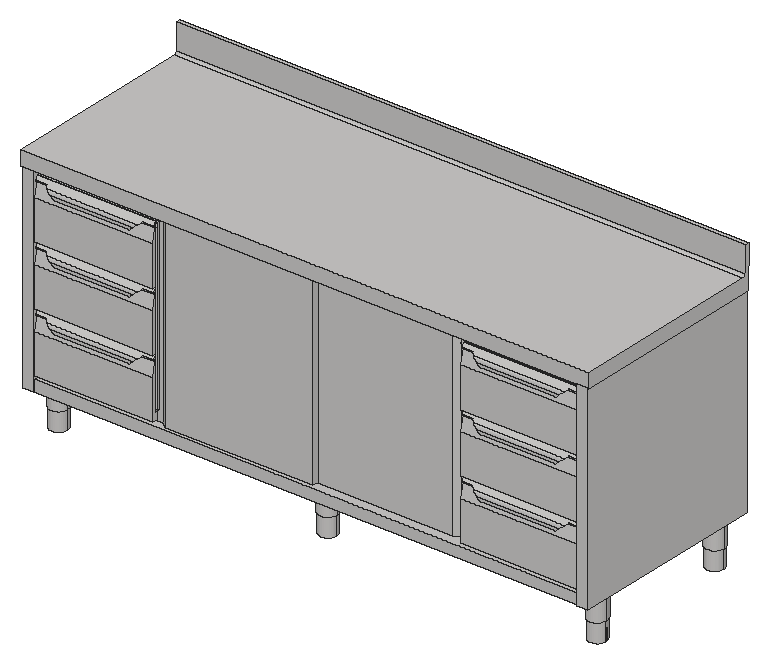
Revit family "QF_ELECTROLUXPROFESSIONAL_133173_NTA2010P", category Attrezzature speciali, Revit 2020
Family settings
  Quota connettore circolare = Usa diametro
  Tipo di parte = Normale
  Basato su piano di lavoro = No
  Sempre verticale = Sì
  Taglio con vuoti quando caricato = No
  Condiviso = No
  Punto di calcolo locali = No
Parameters (values of type "Standard")
  Weight = 85.00 kg
  Watts = 0 W
  Volts = 0 V
  URL Manufacturer = "https://www.electroluxprofessional.com/"
  URL = "https://www.electroluxprofessional.com/"
  Steam Supply Size = 0 mm
  Steam Supply Minimum Pressure = 0.0 Pa
  Steam Supply Maximum Pressure = 0.0 Pa
  Steam Consumption per Hour = 0
  Refrigeration Suction Line Size = 0.0 mm
  Refrigeration Liquid Line Size = 0.0 mm
  Refrigerant Compressor Remote = yes
  Prospetto di default = 0.0 mm
  Phase = 0
  Modello = "NTA2010P"
  Produttore = "Electrolux Professional"
  Length Actual = 2000.0 mm  # constant formula
  Item Number = "133173"
  Hot Water Size = 0 mm
  Height Actual = 1000.0 mm  # constant formula
  HP = "0 HP"
  Gas Size = 0 mm
  Gas KW = 0
  Gas Input Pressure = 0 W
  Direct Waste Size = 0 mm
  Descrizione = "TABLE+SPLBACK 3+3DRAW 2SLID.DOORS 2000MM"
  Depth Actual = 700.0 mm  # constant formula
  Cycle = 0 Hz
  Condensate Return Size = 0 mm
  Compressed Air Volume = 0.0 L/s
  Compressed Air Size = 0 mm
  Compressed Air Pressure = 0.0 Pa
  Cold Water Size = 0 mm
  Accessory = yes
Reference planes
  plane 1 "Center (Front/Back)": y = 0
  plane 2: z = 0
  plane 3 "BACK": y = 350
  plane 4 "FRONT": y = -350
  plane 5 "TOP": z = 900
  plane 6: y = 270
  plane 7: y = -247
  plane 8 "FEET": z = 150
  plane 9: y = -344.5
  plane 10 "BaseTop": z = 850
  plane 11: y = 344.5
  plane 12: z = 1000
  plane 13 "Center (Left/Right)": x = -409
  plane 14 "Right": x = 591
  plane 15 "Left": x = -1409
  plane 16: x = 130
  plane 17: x = -1363
  plane 18: x = 547.5
  plane 19: x = -944.5
  plane 20: x = -942
  plane 21: x = -1365.5
  plane 22: x = -1356
  plane 23: x = -1403.5
  plane 24: x = 585.5
  plane 25: x = 547.5
  plane 26: x = 545
  plane 27: x = -433.5
  plane 28: x = -384.5
  plane 29: x = 538
Forms (mm)
  Extrusion 1, solid, material "QF_Finishes_Stainless Steel"
    sketch origin (-400, 0, 150) x (1, 0, 0) y (0, 1, 0)
      loop
        line (985.5, 350) -> (947.5, 350) -> (947.5, -350) -> (985.5, -350) -> (985.5, 350)
      loop
        line (-965.4, 350) -> (-1003.5, 350) -> (-1003.5, -344.5) -> (-965.4, -344.5) -> (-965.4, 350)
    from 0 to 700
  Extrusion 2, solid, material "QF_Finishes_Stainless Steel"
    sketch origin (-400, 0, 150) x (1, 0, 0) y (0, 1, 0)
      loop
        line (947.5, 347) -> (-965.5, 347) -> (-965.5, -344.5) -> (947.5, -344.5) -> (947.5, 347)
    from 0 to 40
  Extrusion 3, void
    sketch origin (-400, -350, 0) x (1, 0, 0) y (0, 0, -1)
      loop
        line (525.418, -247.973) -> (538, -247.124) -> (538, -191.4) -> (525.418, -191.4) -> (525.418, -247.973)
      loop
        line (512.302, -816.058) -> (512.302, -850) -> (523, -850) -> (523, -816.825) -> (512.302, -816.058)
    from 20.5 to 40.5
  Extrusion 4, solid, material "QF_Finishes_Stainless Steel"
    sketch origin (-400, 0, 150) x (1, 0, 0) y (0, 1, 0)
      loop
        line (-965.5, 350) -> (-965.5, 327) -> (947.5, 327) -> (947.5, 350) -> (-965.5, 350)
    from 700 to 40
  Extrusion 5, solid, material "QF_Finishes_Stainless Steel"
    sketch origin (-406, 0, 0) x (0, 1, 0) y (0, 0, -1)
      loop
        line (-350, -900) -> (327, -900)
        arc (327, -900) -> (334.071, -902.929) -> (337, -910) r 10
        line (337, -910) -> (337, -1000) -> (350, -1000) -> (350, -850) -> (-350, -850) -> (-350, -900)
    from 1003 to -997
  Extrusion 6, solid, material "QF_Finishes_Stainless Steel"
    sketch origin (447, -20, 150) x (-1, 0, 0) y (0, -1, 0)
      loop
        line (831.5, 324.5) -> (831.5, 304.5) -> (1389, 304.5) -> (1389, 319.071) -> (1381.942, 326.129) -> (1380.312, 324.5) -> (1387, 317.812) -> (1387, 309.5) -> (1370.034, 309.5) -> (1350.034, 324.5) -> (831.5, 324.5)
    from 700 to 50
  Extrusion 7, void
    sketch origin (414, -350, 0) x (-1, 0, 0) y (0, 0, 1)
      loop
        line (1346.418, 247.973) -> (1346.418, 191.4) -> (1358.5, 191.4) -> (1358.5, 229.369) -> (1346.418, 247.973)
      loop
        line (1346.418, 816.627) -> (1358.5, 835.231) -> (1358.5, 850) -> (1346.418, 850) -> (1346.418, 816.627)
    from 2.49 to 20.5
  Extrusion 8, solid, material "QF_Finishes_Stainless Steel"
    sketch origin (0, 0, 850) x (-1, 0, 0) y (0, -1, 0)
      loop
        line (-547.5, 304.5) -> (-547.5, 299.5) -> (-130, 299.5) -> (-130, 304.5) -> (-547.5, 304.5)
    from 0 to -2
  Extrusion 9, solid, material "QF_Finishes_Stainless Steel"
    sketch origin (-1266, 0, 150) x (1, 0, 0) y (0, 1, 0)
      loop
        line (831.5, -324.5) -> (1357.034, -324.5) -> (1377.034, -309.5) -> (1394, -309.5) -> (1394, -317.812) -> (1387.312, -324.5) -> (1388.942, -326.129) -> (1396, -319.071) -> (1396, -304.5) -> (831.5, -304.5) -> (831.5, -324.5)
    from 700 to 50
Cuts and joins
  Extrusion 3 cuts Extrusion 1
  Extrusion 3 cuts Extrusion 5
  Extrusion 7 cuts Extrusion 6
  Extrusion 3 cuts Extrusion 9
Lines and regions (mm)
  symbolic lines, style "SpecialityEquipment"
    curve 1: line (-1409, 350, 850) -> (591, 350, 850)
    curve 2: line (-1409, -350, 850) -> (-1409, 350, 850)
    curve 3: line (591, -350, 850) -> (-1409, -350, 850)
    curve 4: line (591, 350, 850) -> (591, -350, 850)
    curve 6: line (-1409, 337, 850) -> (591, 337, 850)
  symbolic lines, style "SpecialityEquipmentHiddenLines"
    curve 5: line (-384.5, -324.5, 200) -> (-384.5, -344.5, 200)
    curve 7: line (130, -304.5, 850) -> (-433.5, -304.5, 850)
    curve 8: line (-433.5, -304.5, 850) -> (-433.5, -324.5, 850)
    curve 9: line (-942, -324.5, 850) -> (91.034, -324.5, 850)
    curve 10: line (91.034, -324.5, 850) -> (111.034, -309.5, 850)
    curve 11: line (111.034, -309.5, 850) -> (130, -309.5, 850)
    curve 12: line (130, -309.5, 850) -> (130, -304.5, 850)
    curve 13: line (-903.034, -344.5, 850) -> (-923.034, -329.5, 850)
    curve 14: line (-923.034, -329.5, 850) -> (-942, -329.5, 850)
    curve 15: line (-942, -329.5, 850) -> (-942, -324.5, 850)
Dimensions and locks
  plane 3 "BACK" to plane 4 "FRONT" = 700.0 mm
  equal spacing: plane 3 "BACK", plane 1 "Center (Front/Back)", plane 4 "FRONT"
  locked: plane 8 "FEET" to level at 150
  locked: plane 3 "BACK" to plane 6 at 80
  locked: plane 7 to plane 4 "FRONT" at 103
  plane 9 to plane 4 "FRONT" = 5.5 mm  (x2)
  plane 3 "BACK" to plane 11 = 5.5 mm
  plane 5 "TOP" to level = 900.0 mm
  locked: plane 12 to level at 1000
  plane 12 to plane 5 "TOP" = 100.0 mm
  plane 20 to plane 19 = 2.5 mm
  locked: plane 16 to plane 20 at 1072
  locked: plane 14 "Right" to plane 15 "Left" at 2000
  locked: plane 23 to plane 15 "Left" at 5.5
  locked: plane 21 to plane 23 at 38
  locked: plane 17 to plane 21 at 2.5
  locked: plane 23 to plane 22 at 47.5
  locked: plane 24 to plane 14 "Right" at 5.5
  locked: plane 25 to plane 24 at 38
  plane 26 to plane 25 = 2.5 mm
  equal spacing: plane 15 "Left", plane 13 "Center (Left/Right)", plane 14 "Right"
  plane 27 to plane 28 = 49.0 mm
  equal spacing: plane 27, plane 13 "Center (Left/Right)", plane 28
  plane 29 to plane 24 = 47.5 mm
  aligned and locked: level to plane 2
  aligned and locked: plane 18 to Extrusion 2
  aligned and locked: nested 4 to nested 2
  aligned and locked: plane 18 to Extrusion 4
  aligned and locked: plane 14 "Right" to Extrusion 5
  aligned and locked: Extrusion 5 to plane 15 "Left"
  aligned and locked: plane 21 to Extrusion 2 sketch curve
  aligned and locked: nested 3 to nested 1
  aligned and locked: nested 2 to plane 22
  aligned and locked: nested 6 to nested 5
  aligned and locked: plane 21 to Extrusion 4
  aligned and locked: nested 7 to plane 17
  aligned and locked: Extrusion 1 sketch curve to plane 24
  aligned and locked: plane 25 to Extrusion 1 sketch curve
  aligned and locked: plane 28 to cut or joined group of Extrusion 6, Extrusion 7
  aligned and locked: curve 8 to plane 27
  aligned and locked: curve 5 to plane 28
  aligned and locked: nested 5 to plane 13 "Center (Left/Right)"
  aligned and locked: nested 1 to plane 29
Automatic sketch dimensions
  curve 5 to plane 9 = 0.0 mm
  plane 9 to curve 5 = 20.0 mm
  Extrusion 1 sketch curve to plane 9 = 0.0 mm
  Extrusion 1 sketch curve to plane 23 = 0.0 mm
  Extrusion 1 sketch curve to plane 3 "BACK" = 0.0 mm  (x2)
  Extrusion 1 sketch curve to plane 4 "FRONT" = 0.0 mm
  plane 21 to Extrusion 1 sketch curve = 0.1 mm
  Extrusion 2 sketch curve to plane 9 = 0.0 mm
  Extrusion 2 sketch curve to plane 18 = 0.0 mm
  plane 11 to Extrusion 2 sketch curve = 2.5 mm
  Extrusion 3 sketch curve to plane 10 "BaseTop" = 0.0 mm
  Extrusion 3 sketch curve to plane 16 = 8.0 mm
  plane 16 to Extrusion 3 sketch curve = 7.0 mm
  Extrusion 3 sketch curve to Extrusion 3 sketch curve = 33.175 mm
  Extrusion 3 sketch curve to Extrusion 3 sketch curve = 0.767 mm
  plane 8 "FEET" to Extrusion 3 sketch curve = 97.973 mm
  Extrusion 3 sketch curve to Extrusion 3 sketch curve = 0.849 mm
  plane 8 "FEET" to Extrusion 3 sketch curve = 41.4 mm
  Extrusion 4 sketch curve to plane 3 "BACK" = 0.0 mm
  Extrusion 4 sketch curve to plane 21 = 0.0 mm
  Extrusion 4 sketch curve to plane 18 = 0.0 mm
  Extrusion 4 sketch curve to plane 11 = 17.5 mm
  Extrusion 5 sketch curve to plane 4 "FRONT" = 0.0 mm
  Extrusion 5 sketch curve to plane 5 "TOP" = 0.0 mm
  Extrusion 5 sketch curve to plane 12 = 0.0 mm
  Extrusion 5 sketch curve to plane 3 "BACK" = 0.0 mm
  Extrusion 5 sketch curve to plane 10 "BaseTop" = 0.0 mm
  plane 11 to Extrusion 5 sketch curve = 17.5 mm
  plane 11 to Extrusion 5 sketch curve = 7.5 mm
  Extrusion 6 sketch curve to plane 28 = 0.0 mm
  Extrusion 6 sketch curve to plane 9 = 0.0 mm  (x2)
  Extrusion 6 sketch curve to plane 20 = 0.0 mm
  Extrusion 6 sketch curve to plane 20 = 38.966 mm
  Extrusion 6 sketch curve to plane 20 = 18.966 mm
  Extrusion 6 sketch curve to plane 20 = 8.688 mm
  Extrusion 6 sketch curve to plane 9 = 1.629 mm
  Extrusion 6 sketch curve to Extrusion 6 sketch curve = 1.629 mm
  Extrusion 6 sketch curve to plane 20 = 2.0 mm
  plane 9 to Extrusion 6 sketch curve = 15.0 mm
  Extrusion 6 sketch curve to Extrusion 6 sketch curve = 5.0 mm
  Extrusion 7 sketch curve to plane 10 "BaseTop" = 0.0 mm
  plane 19 to Extrusion 7 sketch curve = 0.0 mm  (x2)
  Extrusion 7 sketch curve to plane 20 = 9.582 mm  (x2)
  Extrusion 7 sketch curve to Extrusion 7 sketch curve = 14.769 mm
  Extrusion 7 sketch curve to Extrusion 7 sketch curve = 18.604 mm  (x2)
  plane 8 "FEET" to Extrusion 7 sketch curve = 97.973 mm
  Extrusion 7 sketch curve to Extrusion 7 sketch curve = 37.969 mm
  Extrusion 8 sketch curve to plane 16 = 0.0 mm
  plane 18 to Extrusion 8 sketch curve = 0.0 mm
  plane 9 to Extrusion 8 sketch curve = 45.0 mm
  Extrusion 8 sketch curve to Extrusion 8 sketch curve = 5.0 mm
  Extrusion 9 sketch curve to plane 27 = 1.0 mm
  plane 9 to Extrusion 9 sketch curve = 20.0 mm  (x2)
  plane 9 to Extrusion 9 sketch curve = 18.371 mm
  Extrusion 9 sketch curve to Extrusion 9 sketch curve = 1.629 mm
  Extrusion 9 sketch curve to Extrusion 9 sketch curve = 8.312 mm
  plane 9 to Extrusion 9 sketch curve = 40.0 mm
  curve 4 to plane 3 "BACK" = 0.0 mm
  curve 4 to plane 14 "Right" = 0.0 mm
  curve 13 to plane 9 = 0.0 mm
  curve 14 to plane 20 = 0.0 mm
  curve 3 to plane 4 "FRONT" = 0.0 mm
  curve 3 to plane 15 "Left" = 0.0 mm
  curve 11 to curve 11 = 18.966 mm
  curve 10 to curve 9 = 20.0 mm
  curve 13 to curve 14 = 18.966 mm
  plane 9 to curve 7 = 40.0 mm
  curve 7 to curve 11 = 5.0 mm
  plane 9 to curve 9 = 20.0 mm
  curve 9 to curve 15 = 5.0 mm
  curve 13 to curve 13 = 20.0 mm
  curve 6 to plane 11 = 7.5 mm
  curve 11 to plane 16 = 0.0 mm
  Extrusion 3 sketch curve to Extrusion 3 sketch curve = 10.698 mm
  plane 16 to Extrusion 3 sketch curve = 4.582 mm
  Extrusion 9 sketch curve to plane 16 = 0.0 mm
  plane 16 to Extrusion 9 sketch curve = 38.966 mm
  plane 16 to Extrusion 9 sketch curve = 18.966 mm
  plane 16 to Extrusion 9 sketch curve = 8.688 mm
  plane 16 to Extrusion 9 sketch curve = 2.0 mm
Nested families
  nested 1: "FEET_D60-150" at (538, -247, 0) x (-1, 0, 0) z (0, 0, 1), type "FEET_D60-150"
  nested 2: "FEET_D60-150" at (-1356, -247, 0) x (-1, 0, 0) z (0, 0, 1), type "FEET_D60-150"
  nested 3: "FEET_D60-150" at (538, 270, 0) x (-1, 0, 0) z (0, 0, 1), type "FEET_D60-150"
  nested 4: "FEET_D60-150" at (-1356, 270, 0) x (-1, 0, 0) z (0, 0, 1), type "FEET_D60-150"
  nested 5: "FEET_D60-150" at (-409, -247, 0) x (-1, 0, 0) z (0, 0, 1), type "FEET_D60-150"
  nested 6: "FEET_D60-150" at (-409, 270, 0) x (-1, 0, 0) z (0, 0, 1), type "FEET_D60-150"
  nested 7: "H637_600_3DRAWERS" at (-1119.458, -304.5, 152) x (-1, 0, 0) z (0, -1, 0), type "H637_600_3DRAWERS"
    with Show Clearance yes
  nested 8: "H637_600_3DRAWERS" at (307.458, -304.5, 152) x (1, 0, 0) z (0, -1, 0), type "H637_600_3DRAWERS"
    with Show Clearance yes
Definition of nested family "FEET_D60-150"
  Parameters
    Default Elevation = 0.0 mm
    FEET = 150.0 mm
  Reference planes
    plane 1 "Center (Front/Back)": y = 0
    plane 2: z = 0
    plane 3 "Center (Left/Right)": x = 0
    plane 4: z = 150
  Forms (mm)
    Extrusion 1, solid
      sketch origin (0, 0, 0) x (1, 0, 0) y (0, 1, 0)
        loop
          circle (0, 0) r 28
      from 0 to 67
    Revolve 2, solid
      sketch origin (0, 0, 0) x (1, 0, 0) y (0, 0, 1)
        loop
          line (0, 0) -> (0, 150) -> (-32.939, 150) -> (-32.939, 67) -> (-30, 67) -> (-30, 0) -> (0, 0)
        axis (0, 150) -> (0, 0)
      angle from 0 to 360
  Lines and regions (mm)
    symbolic lines
      curve 1: line (0, -1.503, 0) -> (0, 1.508, 0)
      curve 2: line (1.561, 0, 0) -> (-1.439, 0, 0)
  Dimensions and locks
    "FEET": plane 4 to plane 2
    aligned and locked: level to plane 2
  Automatic sketch dimensions
    plane 1 "Center (Front/Back)" to Extrusion 1 sketch curve = 0.0 mm
    Extrusion 1 sketch curve to plane 3 "Center (Left/Right)" = 0.0 mm
    plane 1 "Center (Front/Back)" to curve 2 = 0.0 mm
    curve 1 to plane 3 "Center (Left/Right)" = 0.0 mm
    curve 2 to plane 3 "Center (Left/Right)" = 1.439 mm
    plane 3 "Center (Left/Right)" to curve 2 = 1.561 mm
    plane 1 "Center (Front/Back)" to curve 1 = 1.503 mm
    curve 1 to plane 1 "Center (Front/Back)" = 1.508 mm
    Revolve 2 sketch curve to plane 4 = 0.0 mm
    Revolve 2 sketch curve to level = 0.0 mm
    Revolve 2 sketch curve to plane 3 "Center (Left/Right)" = 0.0 mm  (x2)
    Revolve 2 sketch curve to plane 3 "Center (Left/Right)" = 30.0 mm
    Revolve 2 sketch curve to plane 3 "Center (Left/Right)" = 32.939 mm
    level to Revolve 2 sketch curve = 67.0 mm
    Revolve 2 sketch curve to level = 42.207 mm
    Revolve 2 sketch curve to Revolve 2 sketch curve = 10.0 mm
    radius of Extrusion 1 sketch curve = 28.0 mm
Definition of nested family "H637_600_3DRAWERS"
  Parameters
    Width = 419.0 mm
    Show Clearance [instance] = yes
    Model = "727995"
    Height = 700.0 mm
    Default Elevation = 0.0 mm
  Reference planes
    plane 1 "Center (Front/Back)": y = 0
    plane 2: z = 0
    plane 3 "Center (Left/Right)": x = 36.042
    plane 4 "panel": z = 25
    plane 5 "Left": x = -173.458
    plane 6 "Right": x = 245.542
    plane 7: y = 700
    plane 8: z = 45
    plane 9: x = 243.542
    plane 10: x = -171.458
    plane 11: y = 676
    plane 12: y = 38
    plane 13: z = 499.734
    plane 14: y = 470
    plane 15: y = 465
    plane 16: y = 259
    plane 17: y = 254
    plane 18: y = 48
  Forms (mm)
    Extrusion 1, solid
      sketch origin (0, -919.2, 0) x (1, 0, 0) y (0, 1, 0)
        loop
          line (-980.5, 2119.2) -> (-980.5, -162.846) -> (881.94, -162.846) -> (881.94, 2119.2) -> (-980.5, 2119.2)
      from 0 to -59.546
    Extrusion 2, solid
      sketch origin (36.042, -645.693, 0) x (0, 1, 0) y (0, 0, 1)
        loop
          line (856.63, 49.734) -> (856.63, 47.734) -> (866.98, 47.734)
          arc (866.98, 47.734) -> (873.586, 46.42) -> (879.186, 42.679) r 17.261
          line (879.186, 42.679) -> (896.019, 25.845) -> (899.693, 25) -> (880.6, 44.093)
          arc (880.6, 44.093) -> (874.351, 48.268) -> (866.98, 49.734) r 19.261
          line (866.98, 49.734) -> (856.63, 49.734)
      from -207.5 to 207.5
    Extrusion 3, solid, detail levels coarse
      sketch origin (0, 0, 0) x (1, 0, 0) y (0, 0, 1)
        loop
          line (-171.458, 40) -> (243.542, 40) -> (243.542, 499.734) -> (-171.458, 499.734) -> (-171.458, 40)
      from -48 to -254
    Extrusion 4, solid
      sketch origin (36.042, -616, 0) x (0, 1, 0) y (0, 0, 1)
        loop
          line (664.4, 40) -> (664.4, 0) -> (870, 0) -> (870, 25) -> (804.797, 40) -> (664.4, 40)
      from 207.5 to -207.5
    Extrusion 5, void
      sketch origin (0, 0, 0) x (1, 0, 0) y (0, 1, 0)
        loop
          line (-99.744, 213.799) -> (-133.705, 243.322) -> (-166.458, 243.322)
          arc (-166.458, 243.322) -> (-169.994, 244.786) -> (-171.458, 248.322) r 5
          line (-171.458, 248.322) -> (-171.458, 210.937) -> (-91.403, 210.937)
          arc (-91.403, 210.937) -> (-95.762, 211.819) -> (-99.744, 213.799) r 17.035
      from 36.678 to 53.74
    Extrusion 6, void
      sketch origin (72.084, 0, 0) x (-1, 0, 0) y (0, -1, 0)
        loop
          arc (-99.744, -213.799) -> (-95.762, -211.819) -> (-91.403, -210.937) r 17.035
          line (-91.403, -210.937) -> (-171.458, -210.937) -> (-171.458, -248.322)
          arc (-171.458, -248.322) -> (-169.994, -244.786) -> (-166.458, -243.322) r 5
          line (-166.458, -243.322) -> (-133.705, -243.322) -> (-99.744, -213.799)
      from 36.678 to 53.74
    Extrusion 7, solid
      sketch origin (36.042, -434.693, 0) x (0, 1, 0) y (0, 0, 1)
        loop
          line (856.63, 49.734) -> (856.63, 47.734) -> (866.98, 47.734)
          arc (866.98, 47.734) -> (873.586, 46.42) -> (879.186, 42.679) r 17.261
          line (879.186, 42.679) -> (896.019, 25.845) -> (899.693, 25) -> (880.6, 44.093)
          arc (880.6, 44.093) -> (874.351, 48.268) -> (866.98, 49.734) r 19.261
          line (866.98, 49.734) -> (856.63, 49.734)
      from -207.5 to 207.5
    Extrusion 8, solid
      sketch origin (36.042, -405, 0) x (0, 1, 0) y (0, 0, 1)
        loop
          line (664, 40) -> (664, 0) -> (870, 0) -> (870, 25) -> (804.797, 40) -> (664, 40)
      from 207.5 to -207.5
    Extrusion 9, void
      sketch origin (0, 211, 0) x (1, 0, 0) y (0, 1, 0)
        loop
          line (-99.744, 213.799) -> (-133.705, 243.322) -> (-166.458, 243.322)
          arc (-166.458, 243.322) -> (-169.994, 244.786) -> (-171.458, 248.322) r 5
          line (-171.458, 248.322) -> (-171.458, 210.937) -> (-91.403, 210.937)
          arc (-91.403, 210.937) -> (-95.762, 211.819) -> (-99.744, 213.799) r 17.035
      from 36.678 to 53.74
    Extrusion 10, void
      sketch origin (72.084, 211, 0) x (-1, 0, 0) y (0, -1, 0)
        loop
          arc (-99.744, -213.799) -> (-95.762, -211.819) -> (-91.403, -210.937) r 17.035
          line (-91.403, -210.937) -> (-171.458, -210.937) -> (-171.458, -248.322)
          arc (-171.458, -248.322) -> (-169.994, -244.786) -> (-166.458, -243.322) r 5
          line (-166.458, -243.322) -> (-133.705, -243.322) -> (-99.744, -213.799)
      from 36.678 to 53.74
    Extrusion 11, solid
      sketch origin (36.042, -223.693, 0) x (0, 1, 0) y (0, 0, 1)
        loop
          line (856.63, 49.734) -> (856.63, 47.734) -> (866.98, 47.734)
          arc (866.98, 47.734) -> (873.586, 46.42) -> (879.186, 42.679) r 17.261
          line (879.186, 42.679) -> (896.019, 25.845) -> (899.693, 25) -> (880.6, 44.093)
          arc (880.6, 44.093) -> (874.351, 48.268) -> (866.98, 49.734) r 19.261
          line (866.98, 49.734) -> (856.63, 49.734)
      from -207.5 to 207.5
    Extrusion 12, solid
      sketch origin (36.042, -194, 0) x (0, 1, 0) y (0, 0, 1)
        loop
          line (664, 40) -> (664, 0) -> (870, 0) -> (870, 25) -> (804.797, 40) -> (664, 40)
      from 207.5 to -207.5
    Extrusion 13, void
      sketch origin (0, 422, 0) x (1, 0, 0) y (0, 1, 0)
        loop
          line (-99.744, 213.799) -> (-133.705, 243.322) -> (-166.458, 243.322)
          arc (-166.458, 243.322) -> (-169.994, 244.786) -> (-171.458, 248.322) r 5
          line (-171.458, 248.322) -> (-171.458, 210.937) -> (-91.403, 210.937)
          arc (-91.403, 210.937) -> (-95.762, 211.819) -> (-99.744, 213.799) r 17.035
      from 36.678 to 53.74
    Extrusion 14, void
      sketch origin (72.084, 422, 0) x (-1, 0, 0) y (0, -1, 0)
        loop
          arc (-99.744, -213.799) -> (-95.762, -211.819) -> (-91.403, -210.937) r 17.035
          line (-91.403, -210.937) -> (-171.458, -210.937) -> (-171.458, -248.322)
          arc (-171.458, -248.322) -> (-169.994, -244.786) -> (-166.458, -243.322) r 5
          line (-166.458, -243.322) -> (-133.705, -243.322) -> (-99.744, -213.799)
      from 36.678 to 53.74
    Extrusion 15, solid, detail levels coarse
      sketch origin (0, 0, 0) x (1, 0, 0) y (0, 0, 1)
        loop
          line (-171.458, 40) -> (243.542, 40) -> (243.542, 499.734) -> (-171.458, 499.734) -> (-171.458, 40)
      from -259 to -465
    Extrusion 16, solid, detail levels coarse
      sketch origin (0, 0, 0) x (1, 0, 0) y (0, 0, 1)
        loop
          line (-171.458, 40) -> (243.542, 40) -> (243.542, 499.734) -> (-171.458, 499.734) -> (-171.458, 40)
      from -470 to -676
  Cuts and joins
    Extrusion 5, Extrusion 6, Extrusion 9, Extrusion 10 cuts Extrusion 2
    Extrusion 5 cuts Extrusion 4
    Extrusion 9, Extrusion 10, Extrusion 13, Extrusion 14 cuts Extrusion 7
    Extrusion 13, Extrusion 14 cuts Extrusion 11
  Lines and regions (mm)
    symbolic lines
      curve 1: line (243.542, 0, 179.734) -> (243.542, 0, 199.734)
      curve 2: line (212.235, 0, 49.734) -> (-171.458, 0, 49.734)
      curve 3: spline (231.959, 0, 44.389) -> (230.421, 0, 45.265) -> (228.856, 0, 46.066) -> (227.265, 0, 46.791) -> (225.651, 0, 47.437) -> (224.017, 0, 48.005) -> (222.365, 0, 48.493) -> (220.698, 0, 48.9) -> (219.019, 0, 49.226) -> (217.331, 0, 49.471) -> (215.636, 0, 49.633) -> (213.936, 0, 49.712) -> (212.236, 0, 49.71)
      curve 4: line (238.456, 0, 40) -> (231.959, 0, 44.389)
      curve 5: line (243.542, 0, 500) -> (-171.458, 0, 500)
      curve 6: line (243.542, 0, 349.734) -> (-171.458, 0, 349.734)
      curve 7: line (243.542, 0, 199.734) -> (-171.458, 0, 199.734)
      curve 8: line (243.542, 0, 480) -> (-171.458, 0, 480)
      curve 9: line (243.542, 0, 329.734) -> (-171.458, 0, 329.734)
      curve 10: line (243.542, 0, 179.734) -> (-171.458, 0, 179.734)
      curve 11: line (-156.458, 0, 49.734) -> (-156.458, 0, 179.734)
      curve 12: line (-156.458, 0, 349.734) -> (-156.458, 0, 480)
      curve 13: line (-156.458, 0, 199.734) -> (-156.458, 0, 329.734)
      curve 14: line (228.542, 0, 49.734) -> (228.542, 0, 179.734)
      curve 15: line (228.542, 0, 349.734) -> (228.542, 0, 480)
      curve 16: line (228.542, 0, 199.734) -> (228.542, 0, 329.734)
      curve 17: line (243.542, 0, 480) -> (243.542, 0, 500)
      curve 18: line (243.542, 0, 329.734) -> (243.542, 0, 349.734)
      curve 19: line (-171.458, 0, 179.734) -> (-171.458, 0, 199.734)
      curve 20: line (-171.458, 0, 480) -> (-171.458, 0, 500)
      curve 21: line (-171.458, 0, 329.734) -> (-171.458, 0, 349.734)
  Dimensions and locks
    plane 4 "panel" to level = 25.0 mm
    "Width": plane 5 "Left" to plane 6 "Right"
    equal spacing: plane 5 "Left", plane 3 "Center (Left/Right)", plane 6 "Right"
    "Height": plane 1 "Center (Front/Back)" to plane 7
    plane 9 to plane 6 "Right" = 2.0 mm
    plane 5 "Left" to plane 10 = 2.0 mm
    plane 7 to plane 11 = 24.0 mm
    plane 1 "Center (Front/Back)" to plane 12 = 38.0 mm
    plane 10 to plane 9 = 415.0 mm
    plane 11 to plane 14 = 206.0 mm
    locked: plane 14 to plane 15 at 5
    plane 15 to plane 16 = 206.0 mm
    locked: plane 16 to plane 17 at 5
    plane 17 to plane 18 = 206.0 mm  (x2)
    plane 16 to plane 17 = 5.0 mm
    plane 14 to plane 15 = 5.0 mm
    plane 16 to plane 15 = 206.0 mm
    plane 14 to plane 11 = 206.0 mm
    aligned and locked: plane 2 to Extrusion 1
    aligned and locked: level to Extrusion 1
    aligned and locked: plane 9 to Extrusion 4
    aligned and locked: plane 10 to Extrusion 4
  Automatic sketch dimensions
    Extrusion 1 sketch curve to Extrusion 1 sketch curve = 1862.44 mm
    Extrusion 1 sketch curve to Extrusion 1 sketch curve = 2282.046 mm
    Extrusion 2 sketch curve to Extrusion 2 sketch curve = 0.0 mm  (x2)
    Extrusion 2 sketch curve to plane 4 "panel" = 0.0 mm
    Extrusion 2 sketch curve to plane 17 = 0.0 mm
    plane 4 "panel" to Extrusion 2 sketch curve = 0.845 mm
    Extrusion 2 sketch curve to plane 17 = 3.674 mm
    Extrusion 2 sketch curve to plane 8 = 0.907 mm
    Extrusion 2 sketch curve to plane 17 = 19.093 mm
    Extrusion 2 sketch curve to plane 8 = 2.321 mm
    Extrusion 2 sketch curve to Extrusion 2 sketch curve = 1.414 mm
    plane 4 "panel" to Extrusion 2 sketch curve = 5.474 mm
    Extrusion 2 sketch curve to Extrusion 2 sketch curve = 12.205 mm
    Extrusion 2 sketch curve to Extrusion 2 sketch curve = 10.351 mm
    Extrusion 4 sketch curve to level = 0.0 mm
    Extrusion 4 sketch curve to plane 4 "panel" = 0.0 mm
    Extrusion 4 sketch curve to plane 17 = 0.0 mm
    Extrusion 4 sketch curve to plane 8 = 5.0 mm
    Extrusion 4 sketch curve to plane 17 = 65.203 mm
    plane 18 to Extrusion 4 sketch curve = 0.4 mm
    Extrusion 7 sketch curve to Extrusion 7 sketch curve = 0.0 mm  (x2)
    Extrusion 7 sketch curve to plane 4 "panel" = 0.0 mm
    Extrusion 7 sketch curve to plane 15 = 0.0 mm
    plane 4 "panel" to Extrusion 7 sketch curve = 0.845 mm
    Extrusion 7 sketch curve to plane 15 = 3.674 mm
    Extrusion 7 sketch curve to plane 8 = 0.907 mm
    Extrusion 7 sketch curve to plane 15 = 19.093 mm
    Extrusion 7 sketch curve to plane 8 = 2.321 mm
    Extrusion 7 sketch curve to Extrusion 7 sketch curve = 1.414 mm
    plane 4 "panel" to Extrusion 7 sketch curve = 5.474 mm
    Extrusion 7 sketch curve to Extrusion 7 sketch curve = 12.205 mm
    Extrusion 7 sketch curve to Extrusion 7 sketch curve = 10.351 mm
    Extrusion 8 sketch curve to plane 16 = 0.0 mm
    Extrusion 8 sketch curve to plane 4 "panel" = 0.0 mm
    Extrusion 8 sketch curve to plane 15 = 0.0 mm
    Extrusion 8 sketch curve to level = 0.0 mm
    Extrusion 8 sketch curve to plane 8 = 5.0 mm
    Extrusion 8 sketch curve to plane 15 = 65.203 mm
    Extrusion 11 sketch curve to Extrusion 11 sketch curve = 0.0 mm  (x2)
    Extrusion 11 sketch curve to plane 4 "panel" = 0.0 mm
    Extrusion 11 sketch curve to plane 11 = 0.0 mm
    plane 4 "panel" to Extrusion 11 sketch curve = 0.845 mm
    Extrusion 11 sketch curve to plane 11 = 3.674 mm
    Extrusion 11 sketch curve to plane 8 = 0.907 mm
    Extrusion 11 sketch curve to plane 11 = 19.093 mm
    Extrusion 11 sketch curve to plane 8 = 2.321 mm
    Extrusion 11 sketch curve to Extrusion 11 sketch curve = 1.414 mm
    plane 4 "panel" to Extrusion 11 sketch curve = 5.474 mm
    Extrusion 11 sketch curve to Extrusion 11 sketch curve = 12.205 mm
    Extrusion 11 sketch curve to Extrusion 11 sketch curve = 10.351 mm
    Extrusion 12 sketch curve to plane 14 = 0.0 mm
    Extrusion 12 sketch curve to plane 4 "panel" = 0.0 mm
    Extrusion 12 sketch curve to plane 11 = 0.0 mm
    Extrusion 12 sketch curve to level = 0.0 mm
    Extrusion 12 sketch curve to plane 8 = 5.0 mm
    Extrusion 12 sketch curve to plane 11 = 65.203 mm
    plane 10 to curve 21 = 0.0 mm
    plane 10 to curve 20 = 0.0 mm
    plane 10 to curve 2 = 0.0 mm
    plane 10 to curve 19 = 0.0 mm
    curve 6 to plane 9 = 0.0 mm
    curve 7 to plane 9 = 0.0 mm
    curve 17 to plane 9 = 0.0 mm
    curve 4 to plane 8 = 0.611 mm
    curve 4 to plane 9 = 11.583 mm
    plane 8 to curve 19 = 134.734 mm
    curve 19 to curve 19 = 20.0 mm
    curve 1 to curve 18 = 130.0 mm
    curve 9 to curve 18 = 20.0 mm
    plane 13 to curve 17 = 19.734 mm
    curve 20 to plane 13 = 0.266 mm
    plane 8 to curve 11 = 4.734 mm
    curve 11 to plane 10 = 15.0 mm
    curve 21 to curve 12 = 15.0 mm
    curve 19 to curve 13 = 15.0 mm
    curve 2 to curve 3 = 19.723 mm
    curve 2 to curve 3 = 0.0 mm
    curve 3 to level = 1.281 mm
    curve 3 to plane 6 "Right" = 32.398 mm
    curve 15 to curve 6 = 15.0 mm
    curve 14 to curve 1 = 15.0 mm
    curve 16 to curve 1 = 15.0 mm
    curve 4 to plane 9 = 5.086 mm
    curve 4 to plane 8 = 5.0 mm
    curve 3 to curve 2 = 0.025 mm
    plane 8 to curve 14 = 4.734 mm
    plane 10 to Extrusion 3 sketch curve = 0.0 mm
    Extrusion 3 sketch curve to plane 9 = 0.0 mm
    Extrusion 3 sketch curve to plane 13 = 0.0 mm
    Extrusion 3 sketch curve to plane 8 = 5.0 mm
    Extrusion 5 sketch curve to plane 10 = 0.0 mm
    Extrusion 5 sketch curve to plane 10 = 5.0 mm
    Extrusion 5 sketch curve to plane 17 = 10.678 mm
    Extrusion 5 sketch curve to Extrusion 5 sketch curve = 32.753 mm
    Extrusion 5 sketch curve to Extrusion 5 sketch curve = 33.961 mm
    Extrusion 5 sketch curve to Extrusion 5 sketch curve = 8.34 mm
    Extrusion 5 sketch curve to Extrusion 5 sketch curve = 9.511 mm
    Extrusion 5 sketch curve to plane 17 = 26.068 mm
    Extrusion 5 sketch curve to Extrusion 5 sketch curve = 14.132 mm
    Extrusion 6 sketch curve to plane 9 = 0.0 mm
    plane 9 to Extrusion 6 sketch curve = 5.0 mm
    plane 17 to Extrusion 6 sketch curve = 10.678 mm
    Extrusion 6 sketch curve to Extrusion 6 sketch curve = 32.753 mm
    Extrusion 6 sketch curve to Extrusion 6 sketch curve = 33.961 mm
    Extrusion 6 sketch curve to Extrusion 6 sketch curve = 8.34 mm
    Extrusion 6 sketch curve to Extrusion 6 sketch curve = 1.171 mm
    plane 17 to Extrusion 6 sketch curve = 26.068 mm
    Extrusion 6 sketch curve to Extrusion 6 sketch curve = 14.132 mm
    Extrusion 9 sketch curve to plane 10 = 0.0 mm
    Extrusion 9 sketch curve to plane 10 = 5.0 mm
    Extrusion 9 sketch curve to plane 15 = 10.678 mm
    Extrusion 9 sketch curve to Extrusion 9 sketch curve = 32.753 mm
    Extrusion 9 sketch curve to Extrusion 9 sketch curve = 33.961 mm
    Extrusion 9 sketch curve to Extrusion 9 sketch curve = 8.34 mm
    Extrusion 9 sketch curve to Extrusion 9 sketch curve = 9.511 mm
    Extrusion 9 sketch curve to plane 15 = 26.068 mm
    Extrusion 9 sketch curve to Extrusion 9 sketch curve = 14.132 mm
    Extrusion 10 sketch curve to plane 9 = 0.0 mm
    plane 9 to Extrusion 10 sketch curve = 5.0 mm
    plane 15 to Extrusion 10 sketch curve = 10.678 mm
    Extrusion 10 sketch curve to Extrusion 10 sketch curve = 32.753 mm
    Extrusion 10 sketch curve to Extrusion 10 sketch curve = 33.961 mm
    Extrusion 10 sketch curve to Extrusion 10 sketch curve = 8.34 mm
    Extrusion 10 sketch curve to Extrusion 10 sketch curve = 1.171 mm
    plane 15 to Extrusion 10 sketch curve = 26.068 mm
    Extrusion 10 sketch curve to Extrusion 10 sketch curve = 14.132 mm
    Extrusion 13 sketch curve to plane 10 = 0.0 mm
    Extrusion 13 sketch curve to plane 10 = 5.0 mm
    Extrusion 13 sketch curve to plane 11 = 10.678 mm
    Extrusion 13 sketch curve to Extrusion 13 sketch curve = 32.753 mm
    Extrusion 13 sketch curve to Extrusion 13 sketch curve = 33.961 mm
    Extrusion 13 sketch curve to Extrusion 13 sketch curve = 8.34 mm
    Extrusion 13 sketch curve to Extrusion 13 sketch curve = 9.511 mm
    Extrusion 13 sketch curve to plane 11 = 26.068 mm
    Extrusion 13 sketch curve to Extrusion 13 sketch curve = 14.132 mm
    Extrusion 14 sketch curve to plane 9 = 0.0 mm
    plane 9 to Extrusion 14 sketch curve = 5.0 mm
    plane 11 to Extrusion 14 sketch curve = 10.678 mm
    Extrusion 14 sketch curve to Extrusion 14 sketch curve = 32.753 mm
    Extrusion 14 sketch curve to Extrusion 14 sketch curve = 33.961 mm
    Extrusion 14 sketch curve to Extrusion 14 sketch curve = 8.34 mm
    Extrusion 14 sketch curve to Extrusion 14 sketch curve = 1.171 mm
    plane 11 to Extrusion 14 sketch curve = 26.068 mm
    Extrusion 14 sketch curve to Extrusion 14 sketch curve = 14.132 mm
    plane 10 to Extrusion 15 sketch curve = 0.0 mm
    Extrusion 15 sketch curve to plane 9 = 0.0 mm
    Extrusion 15 sketch curve to plane 8 = 5.0 mm
    plane 13 to Extrusion 15 sketch curve = 0.0 mm
    plane 10 to Extrusion 16 sketch curve = 0.0 mm
    Extrusion 16 sketch curve to plane 9 = 0.0 mm
    Extrusion 16 sketch curve to plane 8 = 5.0 mm
    plane 8 to Extrusion 16 sketch curve = 454.734 mm
